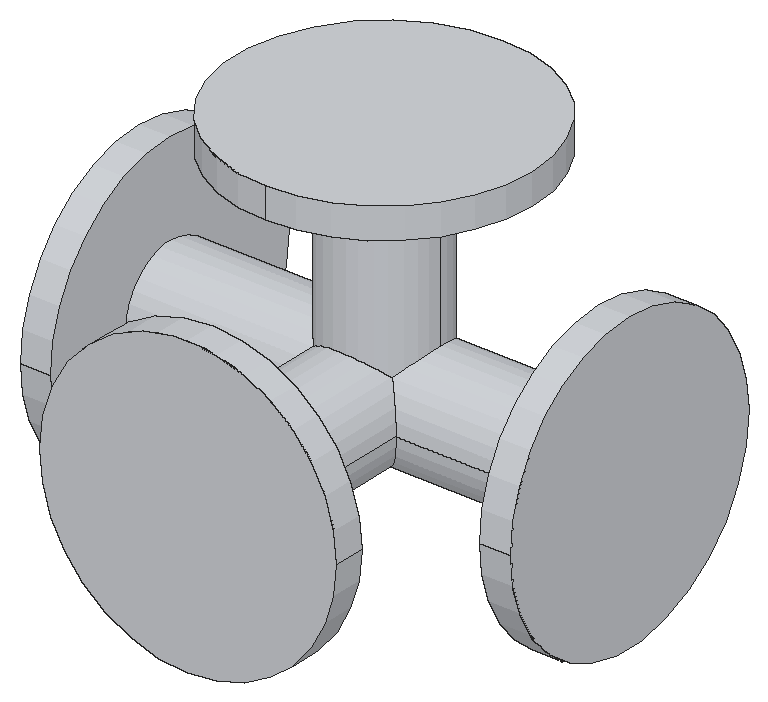
Revit family "bd044a99055841d6b8f2874b76bc379c", category Pipe Fittings, Revit 2021
Family settings
  Round Connector Dimension = Use Radius
  Part Type = Multi Port
  OmniClass Number = 23.60.30.11.14
  OmniClass Title = Pipework Fittings
  Seek Item ID = Tee Side-Outlet - Flanged - GI - Class 125-0000-USA-ENU
  Work Plane-Based = No
  Always vertical = Yes
  Cut with Voids When Loaded = No
  Shared = No
Parameters (values of type "Standard")
  Tick Size [instance] = Flange Diameter * 0.4  # 1.70079"
  Loss Method = Not Defined
  Lookup Table Name = "Tee Side-Outlet - Flanged - GI - Class 125"
  Length 8 [instance] = Length 1 * sin(Angle 2)  # 3.50394"
  Length 7 [instance] = Length 4 + Length 1 * cos(Angle 2)  # 7.00787"
  Length 6 [instance] = Length 1 * sin(Angle 1)  # 3.50394"
  Length 5 [instance] = Length 4 + Length 1 * cos(Angle 1)  # 7.00787"
  Length 4 [instance] = 2 * Length 1  # 7.00787"
  Fitting Outside Radius [instance] = Fitting Outside Diameter / 2  # 0.80315"
  Fitting Outside Diameter [instance] = Fitting Inside Diameter + Wall Thickness * 2  # 1.6063"
  Length 1 [instance] = if((Center to Face - Flange Thickness) * tan(Angle 5 / 2) > Flange Radius, Center to Face, Flange Radius / tan(Angle 5 / 2) + Flange Thickness)  # 3.50394"
  Default Elevation = 0' - 0"
  Center to Face [instance] = size_lookup(Lookup Table Name, "CtF", 0.68 * Nominal Diameter + 3 49/64", Nominal Diameter)  # 3.50394"
  Nominal Radius [instance] = 1/2"
  Nominal Diameter [instance] = Nominal Radius * 2  # 1"
  Wall Thickness [instance] = size_lookup(Lookup Table Name, "WThk", 0.04 * Nominal Diameter + 5/16", Nominal Diameter)  # 0.31102"
  Length 2 [instance] = Length 1 - Flange Thickness  # 3.06693"
  Fitting Inside Diameter [instance] = size_lookup(Lookup Table Name, "FID", 1.02 * Nominal Diameter - 11/256", Nominal Diameter)  # 0.98425"
  Flange Thickness [instance] = size_lookup(Lookup Table Name, "FThk", 0.05 * Nominal Diameter + 161/256", Nominal Diameter)  # 0.43701"
  Flange Radius [instance] = Flange Diameter / 2  # 2.12598"
  Flange Diameter [instance] = size_lookup(Lookup Table Name, "FDia", 1.19 * Nominal Diameter + 3 31/32", Nominal Diameter)  # 4.25197"
  Angle 5 [instance] = if(Angle 3 < Angle 4, Angle 3, Angle 4)  # 90.00°
  Angle 4 [instance] = if(Angle 2 > 90.00°, 180.00° - Angle 2, Angle 2)  # 90.00°
  Angle 3 [instance] = if(Angle 1 > 90.00°, 180.00° - Angle 1, Angle 1)  # 90.00°
  Angle 2 [instance] = 90.00°
  Angle 1 [instance] = 90.00°
Reference planes (in)
  plane 1 "Center (Front/Back)": y = 0
  plane 2: z = 0
  plane 3 "Center (Left/Right)": x = 0
  plane 4: x = -3.06693
  plane 5: x = 3.06693
  plane 6: x = -3.50394
  plane 7: x = 3.50394
  plane 8: x = -3.06693
  plane 9: x = 3.06693
  plane 10: y = 1.70079
  plane 11: y = -1.70079
  plane 12: x = -7.00787
  plane 13: x = 0
  plane 14: y = -3.50394
  plane 15: x = 0
  plane 16: z = 3.50394
Forms (in)
  Sweep 1, solid, detail levels fine
    path in 3D
      loop
        line (-3.50394, 0, 0) -> (-3.06693, 0, 0)
    profile origin (-3.28543, 0, 0) x (0, 1, 0) y (0, 0, 1)
      loop
        circle (0, 0) r 2.12598
  Sweep 2, solid, detail levels fine
    path in 3D
      loop
        line (3.06693, 0, 0) -> (3.50394, 0, 0)
    profile origin (3.28543, 0, 0) x (0, 1, 0) y (0, 0, 1)
      loop
        circle (0, 0) r 2.12598
  Sweep 3, solid, detail levels fine
    path in 3D
      loop
        line (-3.06693, 0, 0) -> (3.06693, 0, 0)
    profile origin (0, 0, 0) x (0, 1, 0) y (0, 0, 1)
      loop
        circle (0, 0) r 0.80315
  Sweep 4, solid, detail levels fine
    path in 3D
      loop
        line (0, 0, 0) -> (0, -3.06693, 0)
    profile origin (0, -1.53346, 0) x (1, 0, 0) y (0, 0, 1)
      loop
        circle (0, 0) r 0.80315
  Sweep 5, solid, detail levels fine
    path in 3D
      loop
        line (0, -3.50394, 0) -> (0, -3.06693, 0)
    profile origin (0, -3.28543, 0) x (-1, 0, 0) y (0, 0, 1)
      loop
        circle (0, 0) r 2.12598
  Sweep 6, solid, detail levels fine
    path in 3D
      loop
        line (0, 0, 0) -> (0, 0, 3.06693)
    profile origin (0, 0, 1.53346) x (-1, 0, 0) y (0, -1, 0)
      loop
        circle (0, 0) r 0.80315
  Sweep 7, solid, detail levels fine
    path in 3D
      loop
        line (0, 0, 3.50394) -> (0, 0, 3.06693)
    profile origin (0, 0, 3.28543) x (0, -1, 0) y (1, 0, 0)
      loop
        circle (0, 0) r 2.12598
Cuts and joins
  joined: Sweep 1, Sweep 2, Sweep 3, Sweep 4, Sweep 5, Sweep 6, Sweep 7
Lines and regions (in)
  model lines, detail levels coarse+medium
    curve 1: line (0, 0, 0) -> (0, -3.06693, 0)
    curve 2: line (0, -3.50394, 0) -> (0, -3.06693, 0)
    curve 3: line (-3.06693, 0, 0) -> (3.06693, 0, 0)
    curve 4: line (-3.50394, 0, 0) -> (-3.06693, 0, 0)
    curve 5: line (3.06693, 0, 0) -> (3.50394, 0, 0)
    curve 13: line (-3.50394, 1.70079, 0) -> (-3.50394, -1.70079, 0)
    curve 14: line (3.50394, 1.70079, 0) -> (3.50394, -1.70079, 0)
    curve 15: line (0, -3.50394, 0) -> (-1.70079, -3.50394, 0)
    curve 16: line (0, -3.50394, 0) -> (1.70079, -3.50394, 0)
    curve 17: line (0, 0, 0) -> (0, 0, 3.06693)
    curve 18: line (0, 0, 3.50394) -> (0, 0, 3.06693)
    curve 21: line (0, 0, 3.50394) -> (-1.70079, 0, 3.50394)
    curve 22: line (0, 0, 3.50394) -> (1.70079, 0, 3.50394)
  sketch lines
    curve 6: line (-3.50394, 0, 0) -> (-3.06693, 0, 0)
    curve 7: line (3.06693, 0, 0) -> (3.50394, 0, 0)
    curve 8: line (-3.06693, 0, 0) -> (3.06693, 0, 0)
    curve 9: line (0, 0, 0) -> (0, -3.06693, 0)
    curve 10: line (0, -3.50394, 0) -> (0, -3.06693, 0)
    curve 19: line (0, 0, 0) -> (0, 0, 3.06693)
    curve 20: line (0, 0, 3.50394) -> (0, 0, 3.06693)
  reference lines
    curve 11: line (-3.50394, 0, 0) -> (-3.06693, 0, 0)
    curve 12: line (3.06693, 0, 0) -> (3.50394, 0, 0)
Dimensions and locks (in)
  "Flange Thickness": plane 6 to plane 4
  "Flange Thickness": plane 5 to plane 7
  "Tick Size": plane 1 "Center (Front/Back)" to plane 10
  "Tick Size": plane 11 to plane 1 "Center (Front/Back)"
  equal spacing: plane 6, plane 3 "Center (Left/Right)", plane 7
  "Length 1": plane 6 to plane 3 "Center (Left/Right)"
  "Length 2": curve 1 to curve 1
  "Length 4": plane 12 to plane 3 "Center (Left/Right)"
  "Length 5": plane 12 to plane 13
  "Length 6": plane 1 "Center (Front/Back)" to plane 14
  "Flange Thickness": curve 2 to curve 2
  "Tick Size": curve 15 to curve 15
  "Tick Size": curve 16 to curve 16
  "Length 7": plane 15 to plane 12
  "Length 8": plane 16 to plane 2
  "Length 2": curve 17 to curve 17
  "Flange Thickness": curve 18 to curve 18
  "Tick Size": curve 21 to curve 21
  "Tick Size": curve 22 to curve 22
  "Flange Radius": radius of Sweep 1 sketch curve
  "Flange Radius": radius of Sweep 2 sketch curve
  "Fitting Outside Radius": radius of Sweep 3 sketch curve
  "Fitting Outside Radius": radius of Sweep 4 sketch curve
  "Flange Radius": radius of Sweep 5 sketch curve
  "Fitting Outside Radius": radius of Sweep 6 sketch curve
  "Flange Radius": radius of Sweep 7 sketch curve
  "Angle 1": angle curve 1 to plane 1 "Center (Front/Back)"
  "Angle 1": angle curve 2 to plane 1 "Center (Front/Back)"
  locked: curve 2 to curve 15 (angle 90.00°)
  locked: curve 16 to curve 2 (angle 90.00°)
  "Angle 2": angle plane 2 to curve 17
  "Angle 2": angle plane 2 to curve 18
  locked: curve 21 to curve 18 (angle 90.00°)
  locked: curve 18 to curve 22 (angle 90.00°)
  aligned and locked: plane 3 "Center (Left/Right)" to curve 1
  aligned and locked: plane 4 to curve 3
  aligned and locked: plane 1 "Center (Front/Back)" to curve 3
  aligned and locked: plane 6 to curve 4
  aligned and locked: plane 1 "Center (Front/Back)" to curve 4
  aligned and locked: plane 7 to curve 5
  aligned and locked: plane 5 to curve 5
  aligned and locked: plane 1 "Center (Front/Back)" to curve 5
  aligned and locked: plane 6 to curve 11
  aligned and locked: plane 8 to curve 11
  aligned and locked: plane 1 "Center (Front/Back)" to curve 11
  aligned and locked: plane 7 to curve 12
  aligned and locked: plane 9 to curve 12
  aligned and locked: plane 1 "Center (Front/Back)" to curve 12
  aligned and locked: plane 10 to curve 13
  aligned and locked: plane 11 to curve 13
  aligned and locked: curve 13 to plane 6
  aligned and locked: plane 10 to curve 14
  aligned and locked: plane 11 to curve 14
  aligned and locked: plane 7 to curve 14
  aligned and locked: plane 2 to curve 17
  aligned and locked: plane 3 "Center (Left/Right)" to curve 17
Automatic sketch dimensions
  Sweep 1 sketch curve to profile plane = 0' - 0"  (x2)
  Sweep 2 sketch curve to profile plane = 0' - 0"  (x2)
  Sweep 3 sketch curve to profile plane = 0' - 0"  (x2)
  profile plane to Sweep 4 sketch curve = 0' - 0"
  Sweep 4 sketch curve to profile plane = 0' - 0"
  Sweep 5 sketch curve to profile plane = 0' - 0"  (x2)
  Sweep 6 sketch curve to profile plane = 0' - 0"
  profile plane to Sweep 6 sketch curve = 0' - 0"
  Sweep 7 sketch curve to profile plane = 0' - 0"
  profile plane to Sweep 7 sketch curve = 0' - 0"
Connectors (in)
  piping at (-3.50394, 0, 0), diameter 1, driven by "Nominal Radius"
    settings: on cut or joined group of Sweep 1, Sweep 2, Sweep 3, Sweep 4, Sweep 5, Sweep 6, Sweep 7, index 1, connector inside diameter 1", connector length 0' - 0", flow factor 0, pipe flow 0 GPM, pressure drop 0.00 psi, fitting loss kfactor 0, connector angle 0.00°, fixture units 0, engagement length 0' - 0", angle of deflection 0.00°, flow configuration 0, flow direction 0, fitting loss method 0, system type 28, joint type 0, gender type 0, connector reference index 2, connector utility 0, adjustable connector no, is connector primary yes, connector description ""
  piping at (3.50394, 0, 0), diameter 1, driven by "Nominal Radius"
    settings: on cut or joined group of Sweep 1, Sweep 2, Sweep 3, Sweep 4, Sweep 5, Sweep 6, Sweep 7, index 2, connector inside diameter 1", connector length 0' - 0", flow factor 0, pipe flow 0 GPM, pressure drop 0.00 psi, fitting loss kfactor 0, connector angle 0.00°, fixture units 0, engagement length 0' - 0", angle of deflection 0.00°, flow configuration 0, flow direction 0, fitting loss method 0, system type 28, joint type 0, gender type 0, connector reference index 1, connector utility 0, adjustable connector no, is connector primary no, connector description ""
  piping at (0, -3.50394, 0), diameter 1, driven by "Nominal Radius", driven by "Angle 1"
    settings: on cut or joined group of Sweep 1, Sweep 2, Sweep 3, Sweep 4, Sweep 5, Sweep 6, Sweep 7, index 3, connector inside diameter 1", connector length 0' - 0", flow factor 0, pipe flow 0 GPM, pressure drop 0.00 psi, fitting loss kfactor 0, connector angle 90.00°, fixture units 0, engagement length 0' - 0", angle of deflection 0.00°, flow configuration 0, flow direction 0, fitting loss method 0, system type 28, joint type 0, gender type 0, connector reference index -1, connector utility 0, adjustable connector no, is connector primary no, connector description ""
  piping at (0, 0, 3.50394), diameter 1, driven by "Nominal Radius", driven by "Angle 2"
    settings: on cut or joined group of Sweep 1, Sweep 2, Sweep 3, Sweep 4, Sweep 5, Sweep 6, Sweep 7, index 4, connector inside diameter 1", connector length 0' - 0", flow factor 0, pipe flow 0 GPM, pressure drop 0.00 psi, fitting loss kfactor 0, connector angle 90.00°, fixture units 0, engagement length 0' - 0", angle of deflection 0.00°, flow configuration 0, flow direction 0, fitting loss method 0, system type 28, joint type 0, gender type 0, connector reference index -1, connector utility 0, adjustable connector no, is connector primary no, connector description ""
